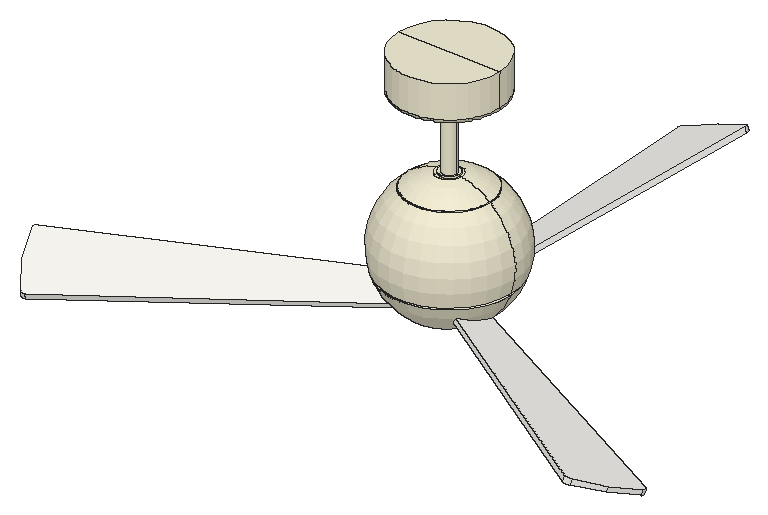
Revit family "3-114-xx Rondure Fan e", category Generic Models, host Ceiling, Revit 2020
Family settings
  Host = Ceiling
  Can host rebar = No
  Round Connector Dimension = Use Diameter
  Part Type = Normal
  Always vertical = Yes
  Cut with Voids When Loaded = No
  Shared = No
  Room Calculation Point = No
Parameters (values of type "3-114-24 / Satin Nickel - Silver Blades")
  Voltage Input = "120 V or 277 V - 50/60 Hz"  # constant formula
  Voltage = 120 V
  URL = "www.oxygenlighting.com"
  References = "Ref. 3 = 120 V / Ref. 37 = 277 V"  # constant formula
  Model = "3-114-xx Rondure Fan"  # constant formula
  Metal Finish = 24 - Satin Nickel
  Manufacturer = "Oxygen - Lighting & Fans"  # constant formula
  Default Elevation = 0 mm
  Blade Finish = Silver
Types (3, lengths in mm): name | Metal Finish | Blade Finish
  3-114-15 / Black - Weathered Gray blades | 15 - Black | Weathered Gray Blades
  3-114-24 / Satin Nickel - Silver Blades | 24 - Satin Nickel | Silver
  3-114-6 / White - White blades | 6 - White | 6 - White
Reference planes
  plane 1 "Center (Front/Back)": y = 0
  plane 2: z = 0
  plane 3 "Center (Left/Right)": x = 0
  plane 4 "Ceiling": z = 4000
Dimensions and locks
  equal spacing: host sketch curve, plane 3 "Center (Left/Right)", host sketch curve
  equal spacing: host sketch curve, plane 1 "Center (Front/Back)", host sketch curve
  host sketch curve to host sketch curve = 4000 mm  (x2)
  plane 4 "Ceiling" to host ceiling = 0 mm
  aligned and locked: plane 3 "Center (Left/Right)" to nested 1
  aligned and locked: plane 1 "Center (Front/Back)" to nested 1
  aligned and locked: plane 4 "Ceiling" to nested 1
Nested families
  nested 1: "Family2" at (0, 0, 4000.108), type "Family2"
Connectors
  electrical at (0, 0, 4000)
    settings: on nested 1, index 1, voltage 0 V, apparent load 0 VA, apparent load phase1 0 VA, apparent load phase2 0 VA, apparent load phase3 0 VA, power factor 1, load classification "Other", number of poles 1, system type 31, power factor state 1, is connector primary yes, connector utility no, sub classification motor no, connector description ""
  electrical at (0, 0, 4000), driven by "Voltage"
    settings: on nested 1, index 2, voltage 120 V, apparent load 0 VA, apparent load phase1 0 VA, apparent load phase2 0 VA, apparent load phase3 0 VA, power factor 1, load classification "Other", number of poles 1, system type 31, power factor state 1, is connector primary no, connector utility no, sub classification motor no, connector description ""
Definition of nested family "Family2"
  Parameters (values of type "Family2")
    Metal Finish = none
    Default Elevation = 0 mm
    Blade Finish = none
  Reference planes
    plane 1 "Center (Front/Back)": y = 0
    plane 2: z = 0
    plane 3 "Center (Left/Right)": x = 0
  Forms (mm)
    Revolve 1, solid, material <- "Metal Finish"
      sketch origin (0, 0, 0) x (1, 0, 0) y (0, 0, 1)
        loop
          line (0, -0.108) -> (-76.848, -0.108) -> (-76.848, -49.237)
          arc (-76.848, -49.237) -> (-75.374, -52.797) -> (-71.814, -54.271) r 5.034
          line (-71.814, -54.271) -> (-34.091, -54.271) -> (-34.091, -57.011)
          arc (-34.091, -57.011) -> (-33.568, -58.273) -> (-32.307, -58.796) r 1.784
          line (-32.307, -58.796) -> (-16.185, -58.796) -> (-14.528, -60.006) -> (-10.514, -60.006) -> (-10.514, -161.132) -> (-14.72, -161.132) -> (-14.72, -162.98) -> (-19.053, -162.98)
          arc (-19.053, -162.98) -> (-41.366, -170.082) -> (-61.427, -182.16) r 100.377
          line (-61.427, -182.16) -> (-61.427, -183.052) -> (-62.447, -183.052)
          arc (-62.447, -183.052) -> (-96.234, -233.454) -> (-94.945, -294.119) r 100.744
          line (-94.945, -294.119) -> (-50.467, -294.119) -> (-50.467, -295.648) -> (-52.506, -295.648) -> (-53.389, -296.158) -> (-70.221, -296.158) -> (-70.221, -298.133) -> (-93.416, -298.133)
          arc (-93.416, -298.133) -> (-56.519, -344.363) -> (0, -361.804) r 100.419
          line (0, -361.804) -> (0, -0.108)
        axis (0, -0.108) -> (0, -361.804)
      angle from 0 to 360
  Dimensions and locks
    aligned and locked: level to plane 2
  Nested families
    nested 1: "Family3" at (0, 65.047, -329.445), type "Family3"
    nested 2: "Family3" at (56.332, -32.523, -329.445) x (-0.5, -0.866, 0) z (0, 0, 1), type "Family3"
    nested 3: "Family3" at (-56.332, -32.523, -329.445) x (-0.5, 0.866, 0) z (0, 0, 1), type "Family3"
  Definition of nested family "Family3"
    Parameters (values of type "Family3")
      Default Elevation = 0 mm
      Blade Finish = none
    Reference planes
      plane 1 "Center (Front/Back)": y = 0
      plane 2: z = 0
      plane 3 "Center (Left/Right)": x = 0
    Forms (mm)
      Extrusion 1, solid, material <- "Blade Finish"
        sketch origin (0, 0, 0) x (0.939693, 0, 0.34202) y (0, 1, 0)
          loop
            arc (0, 446.106) -> (-24.094, 444.73) -> (-47.94, 441.016) r 247.73
            arc (-47.94, 441.016) -> (-52.707, 439.041) -> (-54.682, 434.274) r 6.742
            line (-54.682, 434.274) -> (-26.613, -2.137)
            arc (-26.613, -2.137) -> (-25.808, -4.199) -> (-23.959, -5.416) r 3.65
            line (-23.959, -5.416) -> (-16.507, -5.416)
            arc (-16.507, -5.416) -> (-8.691, -1.375) -> (0, 0) r 27.595
            arc (0, 0) -> (8.691, -1.375) -> (16.507, -5.416) r 27.595
            line (16.507, -5.416) -> (23.959, -5.416)
            arc (23.959, -5.416) -> (25.808, -4.199) -> (26.613, -2.137) r 3.65
            line (26.613, -2.137) -> (54.682, 434.274)
            arc (54.682, 434.274) -> (52.707, 439.041) -> (47.94, 441.016) r 6.742
            arc (47.94, 441.016) -> (24.094, 444.73) -> (0, 446.106) r 247.73
        from 0 to 7.594
    Dimensions and locks
      aligned and locked: level to plane 2
